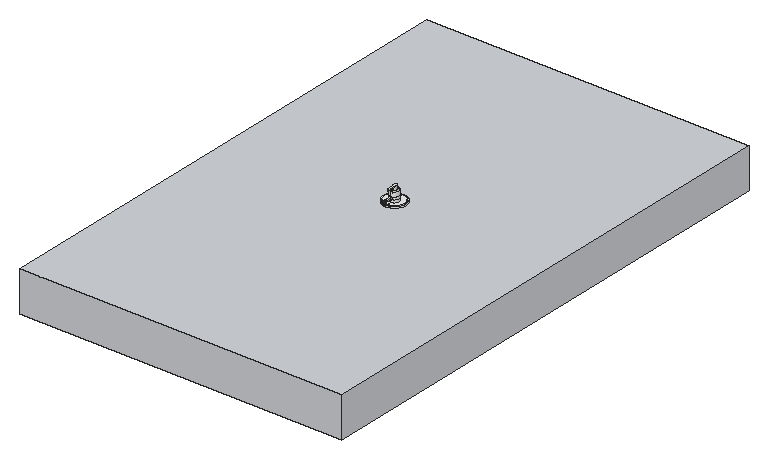
Revit family "Thermostatic_Trim-GROHE-Atrio-19849_Series", category Plumbing Fixtures, host Face, Revit 2014
Parameters (values of type "19849000")
  Width = 6 11/16"  # constant formula
  Waste Connection = no
  Warranty Documentation Link = "https://cdn.cloud.grohe.com/tpi/1000/1900/1940/1949/1949006/original/1949006.pdf"
  WFU = 4  # constant formula
  Vent Connection = no
  URL = "https://www.grohe.us/"
  Type Comments = ""
  Tempered Connection Radius = Tempered Connection Diameter / 2  # 1/4"
  Tempered Connection Diameter = Hot Water Connection Diameter  # 1/2"
  Shipping Weight = 4.235 lbf
  Product Page URL = "https://www.grohe.us/en_us/atrio-jota-dual-function-thermostatic-trim-with-control-module-19849000.html"
  Price = "Prices may vary. Please consult Manufacturer Representative for most up-to-date price list."  # constant formula
  Model = "19849000"
  Material = "Metal-Grohe-000-Chrome"
  Manufacturer = "Grohe"
  Length = 4 7/16"  # constant formula
  Installation Type = "Wall Mounted"
  Hot Water Connection Radius = Hot Water Connection Diameter / 2  # 1/4"
  Hot Water Connection Diameter = Cold Water Connection Diameter  # 1/2"
  Height = 40"
  HWFU = 3  # constant formula
  HW Connection = yes
  Flow Rate = " 6.3 gpm at 45 psi (bottom outlet), 3.2 gpm at 45 psi (top outlet)"  # constant formula
  Finish = Metal-Grohe-000-Chrome
  Description = "Atrio Dual function thermostatic trim with control module"  # constant formula
  Default Elevation = 44"  # constant formula
  Creation Date = "06/26/2017"  # constant formula
  Cold Water Connection Radius = 1/4"  # constant formula
  Cold Water Connection Diameter = Cold Water Connection Radius * 2  # 1/2"
  CWFU = 3  # constant formula
  CW Connection = yes
  Assembly Code = "D2010710"
  ADA Compliant = yes
Types (2): name | Shipping Weight | Product Page URL | Model | Material | Finish
  19849000 | 4.235 lbf | "https://www.grohe.us/en_us/atrio-jota-dual-function-thermostatic-trim-with-control-module-19849000.html" | "19849000" | "Metal-Grohe-000-Chrome" | Metal-Grohe-000-Chrome
  19849EN0 | 3.902 lbf | "https://www.grohe.us/en_us/dual-function-thermostatic-trim-with-control-module-19849EN0.html" | "19849EN0" | "Metal-Grohe-EN0-Brushed Nickel" | Metal-Grohe-EN0-Brushed Nickel
Reference planes (in)
  plane 1 "Center (Front/Back)": y = 0
  plane 2: z = 0
  plane 3 "Center (Left/Right)": x = 0
  plane 4: y = 40
  plane 5: y = -18
  plane 6: y = -39
  plane 7: x = -1.21875
  plane 8: x = 1.21875
  plane 9: x = -3.34375
  plane 10: x = 3.34375
  plane 11: z = 0.375
  plane 12: z = 4
  plane 13: z = 3.99123
  plane 14: z = 3.52232
  plane 15: y = 3.34375
  plane 16: y = -3.34375
Forms (in)
  Extrusion 1, solid
    sketch origin (0, 0, 0) x (1, 0, 0) y (0, 1, 0)
      loop
        line (-48, 72) -> (-48, -79.70833) -> (48, -79.70833) -> (48, 72) -> (-48, 72)
    from 0 to -12
  Revolve 2, solid, material "Metal-Grohe-000-Chrome" <- "Finish"
    sketch origin (0, 0, 0) x (0, 1, 0) y (0, 0, 1)
      loop
        line (3.34375, 0) -> (3.34375, 0.26562) -> (2.95653, 0.26562) -> (2.95653, 0.375) -> (1.29066, 0.375) -> (1.29066, 1.08931) -> (1.24328, 1.08931) -> (1.24328, 1.17804) -> (1.29066, 1.17804) -> (1.29066, 1.8231) -> (1.24328, 1.8231) -> (1.24328, 1.91183) -> (1.29066, 1.91183) -> (1.29066, 3.0173) -> (0.99379, 3.0173) -> (0.99379, 3.33144) -> (0.46153, 3.33144) -> (0.46153, 4.15295) -> (0, 4.15295) -> (0, 0) -> (3.34375, 0)
      axis (0, 4.15295) -> (0, 0)
    angle from 0 to 360
  Extrusion 3, solid, material "Metal-Grohe-000-Chrome" <- "Finish"
    sketch origin (0, 0, 0.34375) x (1, 0, 0) y (0, 0, 1)
      loop
        circle (0, 3.7467) r 0.24453
    from -0.65985 to 2.31873
  Extrusion 4, solid, material "Metal-Grohe-000-Chrome" <- "Finish"
    sketch origin (0, 0, -2.25993) x (1, 0, 0) y (0, 0, 1)
      loop
        circle (0, 3.7467) r 0.24453
    from 0 to 3.34375
  Extrusion 5, solid, material "Metal-Grohe-000-Chrome" <- "Finish"
    sketch origin (0, 0, -1.41893) x (1, 0, 0) y (0, 0, 1)
      loop
        circle (0, 3.7467) r 0.24453
    from -1.48433 to 0
  Extrusion 6, solid, material "Metal-Grohe-000-Chrome" <- "Finish"
    sketch origin (0, 0, 0) x (1, 0, 0) y (0, 1, 0)
      loop
        circle (-0.69453, 0) r 0.25
      loop
        circle (0.69453, 0) r 0.25
    from 0 to 0.0625
Cuts and joins
  joined: Revolve 2, Extrusion 3, Extrusion 4, Extrusion 5, Extrusion 6
Lines and regions (in)
  Masking region 1
    outline origin (0, 0, 0) x (1, 0, 0) y (0, 0, 1)
      loop
        line (0.46153, 4.15295) -> (0.23641, 4.15295)
        arc (0.23641, 4.15295) -> (0, 4.33498) -> (-0.23641, 4.15295) r 0.24453
        line (-0.23641, 4.15295) -> (-0.46153, 4.15295) -> (-0.46153, 3.33144) -> (-0.99379, 3.33144) -> (-0.99379, 3.0173) -> (-1.29066, 3.0173) -> (-1.29066, 1.91183) -> (-1.24328, 1.91183) -> (-1.24328, 1.8231) -> (-1.29066, 1.8231) -> (-1.29066, 1.17804) -> (-1.24328, 1.17804) -> (-1.24328, 1.08931) -> (-1.29066, 1.08931) -> (-1.29066, 0.375) -> (-2.95653, 0.375) -> (-2.95653, 0.26562) -> (-3.34375, 0.26562) -> (-3.34375, 0) -> (3.34375, 0) -> (3.34375, 0.26562) -> (2.95653, 0.26562) -> (2.95653, 0.375) -> (1.29066, 0.375) -> (1.29066, 1.08931) -> (1.24328, 1.08931) -> (1.24328, 1.17804) -> (1.29066, 1.17804) -> (1.29066, 1.8231) -> (1.24328, 1.8231) -> (1.24328, 1.91183) -> (1.29066, 1.91183) -> (1.29066, 3.0173) -> (0.99379, 3.0173) -> (0.99379, 3.33144) -> (0.46153, 3.33144) -> (0.46153, 4.15295)
  symbolic lines, detail levels medium+fine
    curve 1: line (1.29066, 0, 0.375) -> (-1.29066, 0, 0.375)
    curve 2: line (0.46153, 0, 3.33144) -> (-0.46153, 0, 3.33144)
    curve 3: line (0.23641, 0, 4.15295) -> (-0.23641, 0, 4.15295)
  symbolic lines, detail levels fine
    curve 4: line (0.99379, 0, 3.0173) -> (-0.99379, 0, 3.0173)
    curve 5: line (2.95653, 0, 0.26562) -> (-2.95653, 0, 0.26562)
    curve 6: line (1.24328, 0, 1.91183) -> (-1.24328, 0, 1.91183)
    curve 7: line (1.24328, 0, 1.8231) -> (-1.24328, 0, 1.8231)
    curve 8: line (1.24328, 0, 1.17804) -> (-1.24328, 0, 1.17804)
    curve 9: line (1.24328, 0, 1.08931) -> (-1.24328, 0, 1.08931)
    curve 10: circle (0, 0, 2.32777) r 0.24453 normal (0, -1, 0)
Dimensions and locks (in)
  plane 1 "Center (Front/Back)" to plane 5 = 18"
  plane 5 to plane 6 = 21"
  plane 1 "Center (Front/Back)" to plane 4 = 40"
  plane 11 to level = 3/8"
  plane 12 to level = 4"
  plane 15 to plane 1 "Center (Front/Back)" = 3 11/32"
  "Hot Water Connection Diameter": diameter of Extrusion 6 sketch curve
  "Cold Water Connection Diameter": diameter of Extrusion 6 sketch curve
  aligned and locked: plane 2 to Extrusion 1
  aligned and locked: level to Extrusion 1
Automatic sketch dimensions
  curve 10 to plane 3 "Center (Left/Right)" = 0"
  plane 14 to curve 10 = 1.19455"
  curve 3 to plane 3 "Center (Left/Right)" = 0.23641"
  plane 14 to curve 2 = 0.19088"
  curve 2 to plane 3 "Center (Left/Right)" = 0.46153"
  plane 7 to curve 4 = 0.22496"
  curve 6 to plane 7 = 0.02453"
  curve 8 to plane 7 = 0.02453"
  curve 7 to plane 7 = 0.02453"
  curve 9 to plane 7 = 0.02453"
  curve 1 to plane 7 = 0.07191"
  plane 9 to curve 5 = 0.38722"
  plane 3 "Center (Left/Right)" to curve 3 = 0.23641"
  plane 3 "Center (Left/Right)" to curve 2 = 0.46153"
  plane 8 to curve 4 = 0.22496"
  curve 8 to plane 8 = 0.02453"
  curve 7 to plane 8 = 0.02453"
  curve 6 to plane 8 = 0.02453"
  curve 9 to plane 8 = 0.02453"
  curve 1 to plane 8 = 0.07191"
  plane 10 to curve 5 = 0.38722"
  curve 6 to curve 10 = 0.41594"
  curve 7 to curve 6 = 0.08873"
  curve 8 to curve 7 = 0.64506"
  curve 9 to curve 8 = 0.08873"
  level to curve 1 = 3/8"
  level to curve 5 = 17/64"
  plane 14 to curve 4 = 0.50502"
  plane 13 to curve 3 = 0.16172"
  Extrusion 1 sketch curve to Extrusion 1 sketch curve = 96"
  Extrusion 1 sketch curve to Extrusion 1 sketch curve = 151.70833"
  Revolve 2 sketch curve to plane 1 "Center (Front/Back)" = 0"  (x2)
  Revolve 2 sketch curve to level = 0"
  Revolve 2 sketch curve to plane 11 = 0"
  Revolve 2 sketch curve to plane 15 = 0"
  plane 14 to Revolve 2 sketch curve = 0.19088"
  Revolve 2 sketch curve to plane 1 "Center (Front/Back)" = 0.46153"
  Revolve 2 sketch curve to Revolve 2 sketch curve = 0.53225"
  Revolve 2 sketch curve to plane 1 "Center (Front/Back)" = 1.24328"
  Revolve 2 sketch curve to Revolve 2 sketch curve = 0"
  Revolve 2 sketch curve to Revolve 2 sketch curve = 0.04738"  (x2)
  Revolve 2 sketch curve to Revolve 2 sketch curve = 19/64"
  plane 15 to Revolve 2 sketch curve = 0.38722"
  Revolve 2 sketch curve to Revolve 2 sketch curve = 7/64"
  plane 11 to Revolve 2 sketch curve = 0.71431"
  Revolve 2 sketch curve to Revolve 2 sketch curve = 0.08873"  (x2)
  Revolve 2 sketch curve to Revolve 2 sketch curve = 0.64506"
  Revolve 2 sketch curve to Revolve 2 sketch curve = 0.31414"
  plane 12 to Revolve 2 sketch curve = 0.15295"
  Revolve 2 sketch curve to Revolve 2 sketch curve = 1.8429"
  Revolve 2 sketch curve to Revolve 2 sketch curve = 0.35576"
  Extrusion 3 sketch curve to plane 3 "Center (Left/Right)" = 0"
  plane 13 to Extrusion 3 sketch curve = 0.09922"
  Masking region 1 sketch curve to plane 9 = 0"
  Masking region 1 sketch curve to plane 3 "Center (Left/Right)" = 0"
  Masking region 1 sketch curve to level = 0"
  plane 10 to Masking region 1 sketch curve = 0"
  Masking region 1 sketch curve to Masking region 1 sketch curve = 0.38722"
  Masking region 1 sketch curve to plane 7 = 0.07191"  (x3)
  Masking region 1 sketch curve to plane 7 = 0.02453"  (x2)
  plane 7 to Masking region 1 sketch curve = 0.22496"
  plane 14 to Masking region 1 sketch curve = 0.19088"  (x2)
  Masking region 1 sketch curve to plane 3 "Center (Left/Right)" = 0.46153"
  Masking region 1 sketch curve to Masking region 1 sketch curve = 0.22512"
  plane 13 to Masking region 1 sketch curve = 0.16172"
  plane 3 "Center (Left/Right)" to Masking region 1 sketch curve = 0.23641"
  plane 3 "Center (Left/Right)" to Masking region 1 sketch curve = 0.46153"
  plane 8 to Masking region 1 sketch curve = 0.22496"
  Masking region 1 sketch curve to plane 8 = 0.02453"  (x2)
  Masking region 1 sketch curve to Masking region 1 sketch curve = 0.04738"  (x3)
  plane 10 to Masking region 1 sketch curve = 0.38722"
  Masking region 1 sketch curve to Masking region 1 sketch curve = 17/64"
  level to Masking region 1 sketch curve = 17/64"
  Masking region 1 sketch curve to Masking region 1 sketch curve = 7/64"
  level to Masking region 1 sketch curve = 3/8"
  Masking region 1 sketch curve to Masking region 1 sketch curve = 0.71431"  (x2)
  Masking region 1 sketch curve to Masking region 1 sketch curve = 0.08873"  (x4)
  Masking region 1 sketch curve to Masking region 1 sketch curve = 0.64506"  (x2)
  Masking region 1 sketch curve to Masking region 1 sketch curve = 0.31414"  (x2)
  plane 13 to Masking region 1 sketch curve = 0.09922"
  Extrusion 4 sketch curve to plane 3 "Center (Left/Right)" = 0"
  level to Extrusion 4 sketch curve = 1.48677"
  Extrusion 5 sketch curve to plane 3 "Center (Left/Right)" = 0"
  plane 14 to Extrusion 5 sketch curve = 1.19455"
  plane 1 "Center (Front/Back)" to Extrusion 6 sketch curve = 0"  (x2)
  plane 7 to Extrusion 6 sketch curve = 0.52422"
  plane 8 to Extrusion 6 sketch curve = 0.52422"
  radius of curve 10 = 0.24453"
  radius of Extrusion 3 sketch curve = 0.24453"
  radius of Extrusion 4 sketch curve = 0.24453"
  radius of Extrusion 5 sketch curve = 0.24453"
Connectors (in)
  piping at (-0.69453, 0, 0), diameter 0.5, driven by "Hot Water Connection Diameter"
    settings: on Extrusion 6, index 1, connector inside diameter 24", connector length 0", flow factor 0, pipe flow 0 GPM, pressure drop 0.00 psi, fitting loss kfactor 0, connector angle 0.00°, fixture units 0, engagement length 0", angle of deflection 0.00°, flow configuration 3, flow direction 1, fitting loss method 0, system type 19, joint type 0, gender type 0, connector reference index -1, connector utility 0, adjustable connector no, is connector primary yes, connector description "1/2\" NPT HW Inlet"
  piping at (0.69453, 0, 0), diameter 0.5, driven by "Cold Water Connection Diameter"
    settings: on Extrusion 6, index 2, connector inside diameter 24", connector length 0", flow factor 0, pipe flow 0 GPM, pressure drop 0.00 psi, fitting loss kfactor 0, connector angle 0.00°, fixture units 0, engagement length 0", angle of deflection 0.00°, flow configuration 3, flow direction 1, fitting loss method 0, system type 20, joint type 0, gender type 0, connector reference index -1, connector utility 0, adjustable connector no, is connector primary no, connector description "1/2\" NPT CW Inlet"
